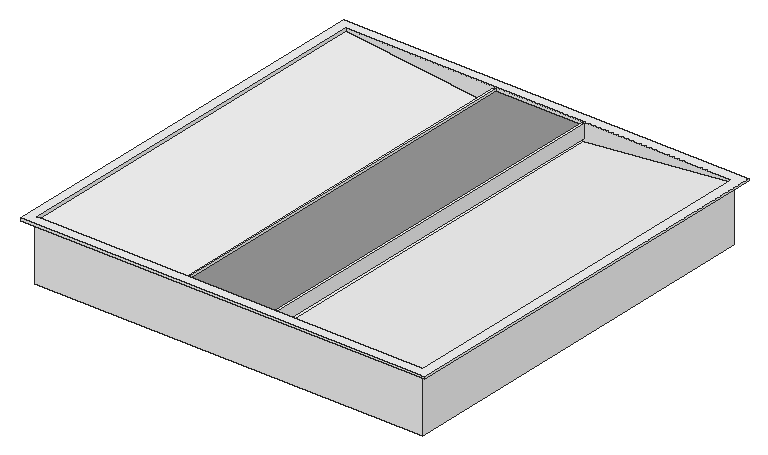
Revit family "2069258 Sylvania Lighting Fixture OFFICELYTE 600 HO 4K EM", category Lighting Fixtures, host Face, Revit 2017
Family settings
  Host = Face
  Round Connector Dimension = Use Diameter
  Part Type = Normal
  OmniClass Number = 23.80.70.11.17
  OmniClass Title = Specialized Lighting by Location or Use
  Cut with Voids When Loaded = No
  Light Source = Yes
  Shared = No
  Room Calculation Point = No
Parameters (values of type "2069258 OFFICELYTE 600 HO 4K EM Emergency mode")
  Width_SYL = 595.0 mm
  Weight = "7.1 kg"
  Wattage = 1.77863 W
  WarrantyStartDate [instance] = "n/a"
  WarrantyGuarantorParts = "n/a"
  WarrantyDurationUnit = "n/a"
  WarrantyDurationParts = "n/a"
  WarrantyDescription = "n/a"
  built-in parameter 1150110 = 1 (stored number, unit not read)
  Voltage = 230 V
  URL = "http://www.sylvania-lighting.com"
  TypeName = "OFFICELYTE 600 HO 4K EM Emergency mode"
  built-in parameter 1114217 = 1 (stored number, unit not read)
  Tilt Angle = -90.00°
  built-in parameter 1150109 = 1 (stored number, unit not read)
  built-in parameter 1150134 = 12
  built-in parameter 1150113 = 1 (stored number, unit not read)
  SerialNumber [instance] = "n/a"
  PowerFactor = 0.95
  PowerConsumption = "35 W"
  Photometric Web File = "2069258EM.ies"
  NominalWidth = 0.0 mm
  NominalLength = 595.0 mm
  NominalHeight = 87.0 mm
  Name = "OFFICELYTE 600 HO 4K EM Emergency mode"
  ModelReference = "OFFICELYTE 600 HO 4K EM Emergency mode"
  ModelNumber = "2069258"
  Material = "zintec housing, acrylic diffuser"
  ManufacturerName = "Feilo Sylvania"
  LuminousEfficacy = "131 lm/W"
  LuminaireType = ""
  LightOutputRatio = "100"
  Length_SYL = Width_SYL  # 595.0 mm
  LampsType = Lamp  # "LED"
  LampNominalLuminous = "4570 lm"
  LampMacAdamStep = "n/a"
  LampColourTemperature = "4000 K"
  LampColourRenderingIndex = "80"
  Keynote = "16500"
  InstallationDate [instance] = "n/a"
  InputVoltage = "230-240V~"
  InputNominalFrequency = "50/60 Hz"
  IngressProtection = "IP20"
  ImpactProtectionIndex = "IK02"
  IfcExportType = "IfcLightFixtureType"
  IfcExportAs = "IfcLightFixtureType"
  Height_SYL = 84.0 mm
  ExpectedLife = 50000
  ElectricShockClassification = "Class I"
  DurationUnit = "hours"
  DocumentationLiterature = "http://www.sylvania-lighting.com/product/en-int/products/2069258"
  DimmingControlOptions = "Non dimmable"
  Material_2_SYL = Acrylic_Sylvania_Officelyte LP LED_Satin_4000K
  CreatedOn = "8/23/2018"
  CreatedBy = ""
  built-in parameter 1114216 [instance] = 1 (stored number, unit not read)
  Model = "OFFICELYTE 600 HO 4K EM Emergency mode"
  Manufacturer = "Havells-Sylvania Group"  # constant formula
  built-in parameter 1150105 = 18.542 (stored number, unit not read)
  Lumens = 233 lm
  built-in parameter 1150115 = 1 (stored number, unit not read)
  built-in parameter 1150137 = (empty or 0)
  built-in parameter 1150139 = (empty or 0)
  built-in parameter 1150112 = 1 (stored number, unit not read)
  built-in parameter 1150114 = 1 (stored number, unit not read)
  Lamp = "LED"
  built-in parameter 1150132 = 2
  built-in parameter 1150102 = (empty or 0)
  built-in parameter 1150107 = 4000 (stored number, unit not read)
  built-in parameter 1150138 = (empty or 0)
  built-in parameter 1150106 = 0.18542 (stored number, unit not read)
  Material_3_SYL = Steel_Sylvania_Officelyte LP LED_White_RAL 9016
  Emit from Rectangle Width = Width_SYL - 31.0 mm  # 564.0 mm
  Emit from Rectangle Length = Length_SYL - 31.0 mm  # 564.0 mm
  Emit Shape Visible in Rendering = no
  built-in parameter 1150104 = 12.17 (stored number, unit not read)
  Dimming Lamp Color Temperature Shift = <None>
  Material_1_SYL = Steel_Sylvania_Officelyte LP LED_White_RAL 9016
  Description = "The Concord OFFICELYTE LP LED HO 4K 600 is a high efficient luminaire for Office, education, meeting rooms. With efficacy of 95lm/W, at 4549lm, CRI of 85 and a very low glare ratio according to EN12464."  # constant formula
  Default Elevation = 0.0 mm
  Color Filter = 16777215
  built-in parameter 1140040 [instance] = 1
  BarCode [instance] = "n/a"
  built-in parameter 1114218 = 1 (stored number, unit not read)
  built-in parameter 1150133 = 10 (stored number, unit not read)
  AssetType = "Fixed"
  AssetIdentifier [instance] = "n/a"
  Assembly Code = "D5020200"
  Apparent Load = 1.77863 VA
Types (2, lengths in mm): name | Wattage | TypeName | Photometric Web File | Name | ModelReference | Model | built-in parameter 1150105 | Lumens | built-in parameter 1150106 | Apparent Load
  2069258 OFFICELYTE 600 HO 4K EM Emergency mode | 1.77863 W | "OFFICELYTE 600 HO 4K EM Emergency mode" | "2069258EM.ies" | "OFFICELYTE 600 HO 4K EM Emergency mode" | "OFFICELYTE 600 HO 4K EM Emergency mode" | "OFFICELYTE 600 HO 4K EM Emergency mode" | 18.542 (stored number, unit not read) | 233 lm | 0.18542 (stored number, unit not read) | 1.77863 VA
  2069258 OFFICELYTE 600 HO 4K EM | 35 W | "OFFICELYTE 600 HO 4K EM" | "2069258.ies" | "OFFICELYTE 600 HO 4K EM" | "OFFICELYTE 600 HO 4K EM" | "OFFICELYTE 600 HO 4K EM" | 364.86 (stored number, unit not read) | 4585 lm | 3.6486 (stored number, unit not read) | 35 VA
Reference planes
  plane 1 "Center (Front/Back)": y = 0
  plane 2: z = 0
  plane 3 "Center (Left/Right)": x = 0
  plane 4 "Fixture Bottom": z = 3
  plane 5 "Fixture Right": x = 297.5
  plane 6 "Profile Right": x = 284
  plane 7 "Profile Left": x = -284
  plane 8 "Fixture Left": x = -297.5
  plane 9 "Profile Back": y = 284
  plane 10 "Fixture Back": y = 297.5
  plane 11 "Fixture Front": y = -297.5
  plane 12: z = -25
  plane 13 "Box Right": x = 286
  plane 14 "Box Left": x = -286
  plane 15 "Box Back": y = 286
  plane 16 "Box Front": y = -286
  plane 17: x = 66.5
  plane 18: x = -66.5
  plane 19 "Difuser Right": x = 63.5
  plane 20 "Difuser Left": x = -63.5
  plane 21: z = -2
  plane 22: z = -4
  plane 23 "Profile Front": y = -284
  plane 24 "Fixture Top": z = -84
  plane 25 "Box Thickness": z = -82
  plane 26: z = -20
Forms (mm)
  Extrusion 1, void
    sketch origin (0, 0, 59) x (-1, 0, 0) y (0, -1, 0)
      loop
        line (-286, -286) -> (286, -286) -> (286, 286) -> (-286, 286) -> (-286, -286)
    from -141 to -56
  Extrusion 2, solid, material "Steel_Sylvania_Officelyte LP LED_White_RAL 9016" <- "Material_3_SYL", detail levels fine
    sketch origin (20, 0, 59) x (-1, 0, 0) y (0, -1, 0)
      loop
        line (-277.5, -297.5) -> (317.5, -297.5) -> (317.5, 297.5) -> (-277.5, 297.5) -> (-277.5, -297.5)
      loop
        line (304, -284) -> (304, 284) -> (-264, 284) -> (-264, -284) -> (304, -284)
    from -59 to -56
  Extrusion 3, solid, material "Steel_Sylvania_Officelyte LP LED_White_RAL 9016" <- "Material_3_SYL", detail levels fine
    sketch origin (0, 0, 0) x (1, 0, 0) y (0, 0, 1)
      loop
        arc (-65.868, -23.244) -> (-175.523, -17.552) -> (-284, -0.537) r 1059.086
        line (-284, -0.537) -> (-284, -2.581)
        arc (-284, -2.581) -> (-175.521, -19.563) -> (-65.868, -25.244) r 1061.086
        line (-65.868, -25.244) -> (65.87, -25.244)
        arc (65.87, -25.244) -> (175.522, -19.563) -> (284, -2.581) r 1061.094
        line (284, -2.581) -> (284, -0.538)
        arc (284, -0.538) -> (175.524, -17.552) -> (65.87, -23.244) r 1059.094
        line (65.87, -23.244) -> (-65.868, -23.244)
    from -284 to 284
  Extrusion 4, solid, material "Steel_Sylvania_Officelyte LP LED_White_RAL 9016" <- "Material_3_SYL", detail levels fine
    sketch origin (0, 0, 59) x (-1, 0, 0) y (0, -1, 0)
      loop
        line (284, -284) -> (284, 284) -> (-284, 284) -> (-284, -284) -> (284, -284)
      loop
        line (286, -286) -> (286, 286) -> (-286, 286) -> (-286, -286) -> (286, -286)
    from -141 to -59
  Extrusion 5, solid, material "Steel_Sylvania_Officelyte LP LED_White_RAL 9016" <- "Material_3_SYL", detail levels fine
    sketch origin (0, 0, 59) x (-1, 0, 0) y (0, -1, 0)
      loop
        line (66.5, -284) -> (66.5, 284) -> (63.5, 284) -> (63.5, -284) -> (66.5, -284)
      loop
        line (-66.5, 284) -> (-66.5, -284) -> (-63.5, -284) -> (-63.5, 284) -> (-66.5, 284)
    from -79 to -59
  Extrusion 6, solid, material "Acrylic_Sylvania_Officelyte LP LED_Satin_4000K" <- "Material_2_SYL", detail levels fine
    sketch origin (0, 0, -581) x (-1, 0, 0) y (0, -1, 0)
      loop
        line (-63.5, -284) -> (63.5, -284) -> (63.5, 284) -> (-63.5, 284) -> (-63.5, -284)
    from 577 to 579
  Extrusion 7, solid, material "Steel_Sylvania_Officelyte LP LED_White_RAL 9016" <- "Material_1_SYL", detail levels coarse+medium
    sketch origin (0, 0, 59) x (-1, 0, 0) y (0, -1, 0)
      loop
        line (297.5, -297.5) -> (297.5, 297.5) -> (-297.5, 297.5) -> (-297.5, -297.5) -> (297.5, -297.5)
    from -59 to -56
  Extrusion 8, solid, material "Steel_Sylvania_Officelyte LP LED_White_RAL 9016" <- "Material_1_SYL", detail levels coarse+medium
    sketch origin (0, 0, -501) x (-1, 0, 0) y (0, -1, 0)
      loop
        line (286, -286) -> (286, 286) -> (-286, 286) -> (-286, -286) -> (286, -286)
    from 417 to 501
  Extrusion 9, solid, material "Steel_Sylvania_Officelyte LP LED_White_RAL 9016" <- "Material_3_SYL", detail levels fine
    sketch origin (0, 0, 59) x (-1, 0, 0) y (0, -1, 0)
      loop
        line (-286, -286) -> (286, -286) -> (286, 286) -> (-286, 286) -> (-286, -286)
    from -143 to -141
Cuts and joins
  joined: Extrusion 2, Extrusion 4, Extrusion 9
  joined: Extrusion 3, Extrusion 5
Lines and regions (mm)
  symbolic lines
    curve 1: line (-297.5, 297.5, 59) -> (297.5, 297.5, 59)
    curve 2: line (-297.5, -297.5, 59) -> (-297.5, 297.5, 59)
    curve 3: line (297.5, -297.5, 59) -> (-297.5, -297.5, 59)
    curve 4: line (297.5, 297.5, 59) -> (297.5, -297.5, 59)
Dimensions and locks
  "Height_SYL": host face to plane 24 "Fixture Top"
  locked: plane 25 "Box Thickness" to plane 24 "Fixture Top" at 2
  "Width_SYL": plane 10 "Fixture Back" to plane 11 "Fixture Front"
  "Length_SYL": plane 8 "Fixture Left" to plane 5 "Fixture Right"
  equal spacing: plane 10 "Fixture Back", plane 1 "Center (Front/Back)", plane 11 "Fixture Front"
  equal spacing: plane 8 "Fixture Left", plane 3 "Center (Left/Right)", plane 5 "Fixture Right"
  locked: plane 18 to plane 20 "Difuser Left" at 3
  locked: plane 19 "Difuser Right" to plane 17 at 3
  plane 8 "Fixture Left" to plane 14 "Box Left" to plane 7 "Profile Left" = 11.5 mm locked, 2.0 mm locked
  plane 10 "Fixture Back" to plane 15 "Box Back" to plane 9 "Profile Back" = 11.5 mm locked, 2.0 mm locked
  plane 6 "Profile Right" to plane 13 "Box Right" to plane 5 "Fixture Right" = 2.0 mm locked, 11.5 mm locked
  plane 23 "Profile Front" to plane 16 "Box Front" to plane 11 "Fixture Front" = 2.0 mm locked, 11.5 mm locked
  plane 4 "Fixture Bottom" to plane 2 to plane 21 to plane 22 to plane 12 = 3.0 mm locked, 2.0 mm locked, 2.0 mm locked, 21.0 mm locked
  aligned and locked: plane 2 to host face
  aligned and locked: level to host face
  aligned and locked: plane 1 "Center (Front/Back)" to imposter light
  aligned and locked: plane 10 "Fixture Back" to Extrusion 2
  aligned and locked: plane 8 "Fixture Left" to Extrusion 2
  aligned and locked: Extrusion 2 to plane 7 "Profile Left"
  aligned and locked: Extrusion 2 to plane 5 "Fixture Right"
  aligned and locked: plane 6 "Profile Right" to Extrusion 2
  aligned and locked: Extrusion 2 to plane 11 "Fixture Front"
  aligned and locked: plane 4 "Fixture Bottom" to Extrusion 2
  aligned and locked: plane 18 to Extrusion 5 sketch curve
  aligned and locked: Extrusion 5 sketch curve to plane 17
  aligned and locked: plane 19 "Difuser Right" to Extrusion 5 sketch curve
  aligned and locked: Extrusion 5 sketch curve to plane 20 "Difuser Left"
  aligned and locked: plane 19 "Difuser Right" to Extrusion 6 sketch curve
  aligned and locked: Extrusion 6 sketch curve to plane 20 "Difuser Left"
  aligned and locked: plane 21 to Extrusion 6
  aligned and locked: Extrusion 6 to plane 22
  aligned and locked: Extrusion 7 sketch curve to plane 10 "Fixture Back"
  aligned and locked: plane 5 "Fixture Right" to Extrusion 7 sketch curve
  aligned and locked: plane 11 "Fixture Front" to Extrusion 7 sketch curve
  aligned and locked: Extrusion 7 sketch curve to plane 8 "Fixture Left"
  aligned and locked: plane 4 "Fixture Bottom" to Extrusion 7
  aligned and locked: Extrusion 8 to plane 24 "Fixture Top"
  aligned and locked: level to Extrusion 8
  aligned and locked: plane 5 "Fixture Right" to curve 4
  aligned and locked: curve 1 to plane 10 "Fixture Back"
  aligned and locked: curve 2 to plane 8 "Fixture Left"
  aligned and locked: plane 11 "Fixture Front" to curve 3
  aligned and locked: plane 9 "Profile Back" to Extrusion 4
  aligned and locked: Extrusion 4 sketch curve to plane 9 "Profile Back"
  aligned and locked: Extrusion 4 to Extrusion 1
  aligned and locked: imposter light to Extrusion 1
  aligned and locked: Extrusion 9 to plane 24 "Fixture Top"
  aligned and locked: plane 25 "Box Thickness" to Extrusion 9
  aligned and locked: cut or joined group of Extrusion 2, Extrusion 4, Extrusion 9 to plane 25 "Box Thickness"
  aligned and locked: Extrusion 4 sketch curve to plane 13 "Box Right"
  aligned and locked: plane 15 "Box Back" to Extrusion 4 sketch curve
  aligned and locked: Extrusion 4 sketch curve to plane 14 "Box Left"
  aligned and locked: plane 16 "Box Front" to Extrusion 4 sketch curve
  aligned and locked: Extrusion 9 sketch curve to plane 16 "Box Front"
  aligned and locked: plane 13 "Box Right" to Extrusion 9 sketch curve
  aligned and locked: Extrusion 9 sketch curve to plane 15 "Box Back"
  aligned and locked: Extrusion 9 sketch curve to plane 14 "Box Left"
  aligned and locked: plane 7 "Profile Left" to cut or joined group of Extrusion 3, Extrusion 5
  aligned and locked: cut or joined group of Extrusion 3, Extrusion 5 to plane 6 "Profile Right"
  aligned and locked: plane 9 "Profile Back" to cut or joined group of Extrusion 3, Extrusion 5
  aligned and locked: cut or joined group of Extrusion 3, Extrusion 5 to plane 23 "Profile Front"
  aligned and locked: plane 23 "Profile Front" to Extrusion 5 sketch curve
  aligned and locked: Extrusion 5 sketch curve to plane 9 "Profile Back"
  aligned and locked: Extrusion 8 sketch curve to plane 13 "Box Right"
  aligned and locked: plane 15 "Box Back" to Extrusion 8 sketch curve
  aligned and locked: plane 16 "Box Front" to Extrusion 8 sketch curve
  aligned and locked: plane 14 "Box Left" to Extrusion 8 sketch curve
  aligned and locked: Extrusion 1 sketch curve to Extrusion 8  (x4)
  aligned and locked: Extrusion 6 sketch curve to plane 23 "Profile Front"
  aligned and locked: plane 9 "Profile Back" to Extrusion 6 sketch curve
  aligned and locked: cut or joined group of Extrusion 3, Extrusion 5 to plane 26
  aligned and locked: plane 4 "Fixture Bottom" to imposter light
Automatic sketch dimensions
  host sketch curve to host sketch curve = 1305.563 mm
  host sketch curve to host sketch curve = 1414.187 mm
  Extrusion 2 sketch curve to plane 5 "Fixture Right" = 0.0 mm
  Extrusion 2 sketch curve to plane 6 "Profile Right" = 0.0 mm
  Extrusion 2 sketch curve to plane 7 "Profile Left" = 0.0 mm
  Extrusion 2 sketch curve to plane 8 "Fixture Left" = 0.0 mm
  Extrusion 2 sketch curve to plane 10 "Fixture Back" = 0.0 mm
  plane 9 "Profile Back" to Extrusion 2 sketch curve = 0.0 mm
  Extrusion 2 sketch curve to plane 23 "Profile Front" = 0.0 mm
  Extrusion 2 sketch curve to plane 11 "Fixture Front" = 0.0 mm
  Extrusion 3 sketch curve to Extrusion 3 sketch curve = 0.0 mm  (x2)
  Extrusion 3 sketch curve to Extrusion 3 sketch curve = 0.001 mm  (x2)
  Extrusion 3 sketch curve to level = 0.537 mm
  plane 14 "Box Left" to Extrusion 3 sketch curve = 2.0 mm
  Extrusion 3 sketch curve to plane 12 = 0.244 mm
  plane 18 to Extrusion 3 sketch curve = 0.632 mm
  Extrusion 3 sketch curve to plane 17 = 0.63 mm
  Extrusion 3 sketch curve to level = 0.538 mm
  Extrusion 3 sketch curve to plane 13 "Box Right" = 2.0 mm
  Extrusion 3 sketch curve to level = 23.244 mm
  Extrusion 4 sketch curve to plane 6 "Profile Right" = 0.0 mm
  Extrusion 4 sketch curve to plane 7 "Profile Left" = 0.0 mm
  Extrusion 4 sketch curve to plane 23 "Profile Front" = 0.0 mm
  Extrusion 5 sketch curve to plane 9 "Profile Back" = 0.0 mm
  Extrusion 5 sketch curve to plane 23 "Profile Front" = 0.0 mm
Connectors
  electrical at (0, 0, -84), driven by "Apparent Load"
    settings: on Extrusion 8, index 1, voltage 230 V, apparent load 0 VA, apparent load phase1 1.77863 VA, apparent load phase2 0 VA, apparent load phase3 0 VA, power factor 1, load classification "Lighting", number of poles 1, system type 31, power factor state 1, is connector primary yes, connector utility no, sub classification motor no, connector description ""
